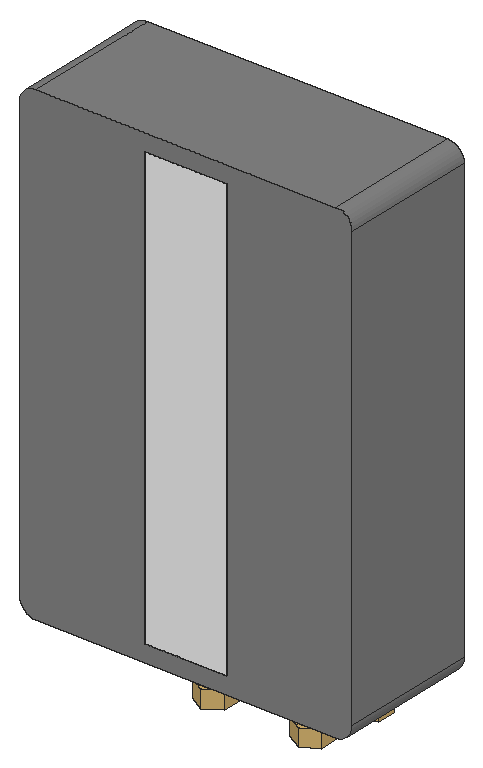
Revit family "Evoflat TDV F_Front_RFA_1", category Mechanical Equipment, Revit 2019
Family settings
  Round Connector Dimension = Use Diameter
  Classification = None
  Part Type = Normal
  OmniClass Number = 23.75.65.11.11
  OmniClass Title = Heating Controllers
  Work Plane-Based = No
  Always vertical = Yes
  Cut with Voids When Loaded = No
  Shared = No
  Room Calculation Point = No
Parameters (values of type "Evoflat TDV F_Front_Type 1_Cu_145B4169")
  Weight = 8.50 kg  # constant formula
  W1 = 40 mm  # constant formula
  W = 130 mm  # constant formula
  URL = "https://store.danfoss.com/en/search/?q=Evoflat+TDV%3Arelevance%3Adanfoss_producttypehierarchydesc%3AEvoFlat+FSS&text=Evoflat+TDV"
  Type Image = <None>
  Type Comments = ""
  Top [instance] = if(or(Clearance Zone Visibility, Clearance Zone Top Visibility), 1 = 1, 1 = 0)  # no
  Right [instance] = if(or(Clearance Zone Visibility, Clearance Zone Right Visibility), 1 = 1, 1 = 0)  # no
  Pressure Drop (HE) [instance] = 0.0 Pa
  Pressure Drop (DHW) [instance] = 0.0 Pa
  Pressure Drop (DH) [instance] = 0.0 Pa
  Pressure Drop (DCW) [instance] = 0.0 Pa
  Nut size = 30 mm  # constant formula
  Nominal Pressure = "PN 10"  # constant formula
  Model Type = "Evoflat TDV F_Front_Type 1_Cu"
  Model = "145B4169"
  Max Supply Temperature = "95 °C"  # constant formula
  Manufacturer = "Danfoss"  # constant formula
  Left [instance] = if(or(Clearance Zone Visibility, Clearance Zone Left Visibility), 1 = 1, 1 = 0)  # no
  LOD 350 = not(LOD 200)  # yes
  LOD 200 = no
  L1a = 55 mm  # constant formula
  L1 = 55 mm  # constant formula
  L = 310 mm  # constant formula
  Insulation Material = Danfoss EPP insulation
  IfcExportType = "EvoFlat TDV F"  # constant formula
  IfcExportAs = "IfcFlowController"  # constant formula
  Heating Total Pressure Loss Primary = "8 kPa"  # constant formula
  Heating Flow Rate Supply = "645 l/h"  # constant formula
  Heating Circuit dT = "20 °C"  # constant formula
  Heating Capacity = 15 kW  # constant formula
  HEX material = Danfoss Copper
  H3 = 32.5 mm  # constant formula
  H2 = 31.5 mm  # constant formula
  H1 = 3 mm  # constant formula
  H = 443 mm  # constant formula
  Front [instance] = if(or(Clearance Zone Visibility, Clearance Zone Front Visibility), 1 = 1, 1 = 0)  # no
  Flow (HE) [instance] = 0.0 L/s
  Flow (DHW) [instance] = 0.0 L/s
  Flow (DH) [instance] = 0.0 L/s
  Flow (DCW) [instance] = 0.0 L/s
  Description = "Flat Station"  # constant formula
  DHW capacity = 43 kW
  DHW Temperature DHS/DHR = "65/22 °C"
  DHW Tap Load 50°C = "15.3 l/min"
  DHW Pressure Loss Primary = "40 kPa"
  DHW Flow Rate Primary = "850 l/h"
  D = 20 mm  # constant formula
  Connection = "G 3/4 Internal Thread"  # constant formula
  Clearance Zone Visibility [instance] = no
  Clearance Zone Top Visibility [instance] = no
  Clearance Zone Top [instance] = 25 mm  # constant formula
  Clearance Zone Right Visibility [instance] = no
  Clearance Zone Right [instance] = 50 mm  # constant formula
  Clearance Zone Left Visibility [instance] = no
  Clearance Zone Left [instance] = 50 mm  # constant formula
  Clearance Zone Front Visibility [instance] = no
  Clearance Zone Front [instance] = 150 mm  # constant formula
  Clearance Zone Bottom Visibility [instance] = no
  Clearance Zone Bottom [instance] = 32.5 mm  # constant formula
  Bottom [instance] = if(or(Clearance Zone Visibility, Clearance Zone Bottom Visibility), 1 = 1, 1 = 0)  # no
  Assembly Code = ""
Types (6, lengths in mm): name | Model Type | Model | HEX material | DHW capacity | DHW Temperature DHS/DHR | DHW Tap Load 50°C | DHW Pressure Loss Primary | DHW Flow Rate Primary
  Evoflat TDV F_Front_Type 1_Cu_145B4169 | "Evoflat TDV F_Front_Type 1_Cu" | "145B4169" | Danfoss Copper | 43 kW | "65/22 °C" | "15.3 l/min" | "40 kPa" | "850 l/h"
  Evoflat TDV F_Front_Type 3_Cu_145B4171 | "Evoflat TDV F_Front_Type 3_Cu" | "145B4171" | Danfoss Copper | 55 kW | "65/16 °C" | "18.3 l/min" | "27 kPa" | "950 l/h"
  Evoflat TDV F_Front_Type 2_Cu_145B4170 | "Evoflat TDV F_Front_Type 2_Cu" | "145B4170" | Danfoss Copper | 49 kW | "65/21 °C" | "17.5 l/min" | "30 kPa" | "950 l/h"
  Evoflat TDV F_Front_Type 1_Sts_145B4172 | "Evoflat TDV F_Front_Type 1_Sts" | "145B4172" | Danfoss Stainless Steel | 43 kW | "65/22 °C" | "15.3 l/min" | "40 kPa" | "850 l/h"
  Evoflat TDV F_Front_Type 2_Sts_145B4173 | "Evoflat TDV F_Front_Type 2_Sts" | "145B4173" | Danfoss Stainless Steel | 49 kW | "65/21 °C" | "17.5 l/min" | "30 kPa" | "950 l/h"
  Evoflat TDV F_Front_Type 3_Sts_145B4174 | "Evoflat TDV F_Front_Type 3_Sts" | "145B4174" | Danfoss Stainless Steel | 55 kW | "65/16 °C" | "18.3 l/min" | "27 kPa" | "950 l/h"
Reference planes
  plane 1 "Center (Front/Back)": y = 0
  plane 2: z = 0
  plane 3 "Center (Left/Right)": x = 0
  plane 4: y = -40
  plane 5: x = -155
  plane 6: x = 155
  plane 7: z = 443
  plane 8: y = -130
  plane 9: z = 3
  plane 10: z = -31.5
  plane 11: x = -100
  plane 12: x = 100
  plane 13: z = -32.5
  plane 14: y = -95
  plane 15: x = -40
  plane 16: x = 40
  plane 17: x = 90.8
Forms (mm)
  Extrusion 1, solid, material "Danfoss EPP insulation", visible <- "LOD 200", detail levels fine
    sketch origin (0, 0, 0) x (1, 0, 0) y (0, 0, 1)
      loop
        line (-155, 443) -> (-155, 0) -> (155, 0) -> (155, 443) -> (-155, 443)
    from 0 to 130 <- "W"
  Extrusion 2, solid, visible <- "Front"
    sketch origin (15, -130, 238.394) x (1, 0, 0) y (0, 0, 1)
      loop
        line (-170, 204.606) -> (-170, -238.394) -> (140, -238.394) -> (140, 204.606) -> (-170, 204.606)
    from 150 <- "Clearance Zone Front" to 0
  Extrusion 3, solid, visible <- "Right"
    sketch origin (0, 0, 0) x (1, 0, 0) y (0, 0, 1)
      loop
        line (155, 443) -> (155, 0) -> (205, 0) -> (205, 443) -> (155, 443)
    from 130 <- "W" to 0
  Extrusion 4, solid, visible <- "Left"
    sketch origin (0, 0, 0) x (1, 0, 0) y (0, 0, 1)
      loop
        line (-155, 443) -> (-205, 443) -> (-205, 0) -> (-155, 0) -> (-155, 443)
    from 130 <- "W" to 0
  Extrusion 5, solid, visible <- "Top"
    sketch origin (0, 0, 0) x (1, 0, 0) y (0, 0, 1)
      loop
        line (-155, 443) -> (155, 443) -> (155, 468) -> (-155, 468) -> (-155, 443)
    from 130 <- "W" to 0
  Extrusion 6, solid, visible <- "Bottom"
    sketch origin (0, 0, 0) x (1, 0, 0) y (0, 0, 1)
      loop
        line (-155, 0) -> (-155, -32.5) -> (155, -32.5) -> (155, 0) -> (-155, 0)
    from 130 <- "W" to 0
  Extrusion 7, solid, material "Danfoss EPP insulation" <- "Insulation Material", visible <- "LOD 350", detail levels fine
    sketch origin (0, 0, 0) x (1, 0, 0) y (0, 0, 1)
      loop
        arc (-140, 443) -> (-150.607, 438.607) -> (-155, 428) r 15
        line (-155, 428) -> (-155, 15)
        arc (-155, 15) -> (-150.607, 4.393) -> (-140, 0) r 15
        line (-140, 0) -> (140, 0)
        arc (140, 0) -> (150.607, 4.393) -> (155, 15) r 15
        line (155, 15) -> (155, 428)
        arc (155, 428) -> (150.607, 438.607) -> (140, 443) r 15
        line (140, 443) -> (-140, 443)
    from 130 to 0
  Extrusion 8, void
    sketch origin (0, 0, 0) x (1, 0, 0) y (0, 0, 1)
      loop
        line (-38.25, 16) -> (38.25, 16) -> (38.25, 427) -> (-38.25, 427) -> (-38.25, 16)
    from 130 to 127.473
  Extrusion 9, solid, material "Danfoss Plastic White", visible <- "LOD 350", detail levels fine
    sketch origin (0, 0, 0) x (1, 0, 0) y (0, 0, 1)
      loop
        line (-38.25, 16) -> (38.25, 16) -> (38.25, 427) -> (-38.25, 427) -> (-38.25, 16)
    from 127.473 to 130
  Extrusion 10, solid, detail levels coarse+medium
    sketch origin (0, 0, 0) x (1, 0, 0) y (0, 0, 1)
      loop
        line (-155, 443) -> (-155, -32.5) -> (155, -32.5) -> (155, 443) -> (-155, 443)
    from 130 to 0
  Extrusion 11, solid, material "Danfoss Brass", detail levels fine
    sketch origin (0, 0, 0) x (1, 0, 0) y (0, 1, 0)
      loop
        circle (-100, -40) r 12.783
    from 3 to -31.5
  Extrusion 12, solid, material "Danfoss Brass", visible <- "LOD 350", detail levels fine
    sketch origin (0, 0, 0) x (1, 0, 0) y (0, 1, 0)
      loop
        line (-115, -31.34) -> (-115, -48.66) -> (-100, -57.321) -> (-85, -48.66) -> (-85, -31.34) -> (-100, -22.679) -> (-115, -31.34)
    from -16.5 to -32.5
  Extrusion 13, solid, material "Danfoss Brass", not visible, detail levels fine
    sketch origin (0, 0, 0) x (1, 0, 0) y (0, 1, 0)
      loop
        circle (-100, -40) r 12.783
    from 3 to -31.5
  Extrusion 14, solid, material "Danfoss Brass", visible <- "LOD 350", not visible, detail levels fine
    sketch origin (0, 0, 0) x (1, 0, 0) y (0, 1, 0)
      loop
        line (-115, -31.34) -> (-115, -48.66) -> (-100, -57.321) -> (-85, -48.66) -> (-85, -31.34) -> (-100, -22.679) -> (-115, -31.34)
    from -16.5 to -32.5
  Extrusion 15, solid, material "Danfoss Brass", detail levels fine
    sketch origin (60, 0, 0) x (1, 0, 0) y (0, 1, 0)
      loop
        circle (-100, -40) r 12.783
    from 3 to -31.5
  Extrusion 16, solid, material "Danfoss Brass", visible <- "LOD 350", detail levels fine
    sketch origin (60, 0, 0) x (1, 0, 0) y (0, 1, 0)
      loop
        line (-115, -31.34) -> (-115, -48.66) -> (-100, -57.321) -> (-85, -48.66) -> (-85, -31.34) -> (-100, -22.679) -> (-115, -31.34)
    from -15.5 to -31.5
  Extrusion 17, solid, material "Danfoss Brass", detail levels fine
    sketch origin (100, -55, 0) x (1, 0, 0) y (0, 1, 0)
      loop
        circle (-100, -40) r 12.783
    from 3 to -31.5
  Extrusion 18, solid, material "Danfoss Brass", visible <- "LOD 350", detail levels fine
    sketch origin (100, -55, 0) x (1, 0, 0) y (0, 1, 0)
      loop
        line (-115, -31.34) -> (-115, -48.66) -> (-100, -57.321) -> (-85, -48.66) -> (-85, -31.34) -> (-100, -22.679) -> (-115, -31.34)
    from -16.5 to -32.5
  Extrusion 19, solid, material "Danfoss Brass", detail levels fine
    sketch origin (190.8, -55, 0) x (1, 0, 0) y (0, 1, 0)
      loop
        circle (-100, -40) r 12.783
    from 3 to -31.5
  Extrusion 20, solid, material "Danfoss Brass", visible <- "LOD 350", detail levels fine
    sketch origin (190.8, -55, 0) x (1, 0, 0) y (0, 1, 0)
      loop
        line (-115, -31.34) -> (-115, -48.66) -> (-100, -57.321) -> (-85, -48.66) -> (-85, -31.34) -> (-100, -22.679) -> (-115, -31.34)
    from -16.5 to -32.5
  Extrusion 21, solid, material "Danfoss Brass", not visible, detail levels fine
    sketch origin (60, 0, 0) x (1, 0, 0) y (0, 1, 0)
      loop
        circle (-100, -40) r 12.783
    from 3 to -31.5
  Extrusion 22, solid, material "Danfoss Brass", visible <- "LOD 350", not visible, detail levels fine
    sketch origin (60, 0, 0) x (1, 0, 0) y (0, 1, 0)
      loop
        line (-115, -31.34) -> (-115, -48.66) -> (-100, -57.321) -> (-85, -48.66) -> (-85, -31.34) -> (-100, -22.679) -> (-115, -31.34)
    from -15.5 to -31.5
  Extrusion 23, solid, material "Danfoss Brass", detail levels fine
    sketch origin (140, 0, 0) x (1, 0, 0) y (0, 1, 0)
      loop
        circle (-100, -40) r 12.783
    from 3 to -31.5
  Extrusion 24, solid, material "Danfoss Brass", visible <- "LOD 350", detail levels fine
    sketch origin (140, 0, 0) x (1, 0, 0) y (0, 1, 0)
      loop
        line (-115, -31.34) -> (-115, -48.66) -> (-100, -57.321) -> (-85, -48.66) -> (-85, -31.34) -> (-100, -22.679) -> (-115, -31.34)
    from -15.5 to -31.5
  Extrusion 25, solid, material "Danfoss Brass", detail levels fine
    sketch origin (200, 0, 0) x (1, 0, 0) y (0, 1, 0)
      loop
        circle (-100, -40) r 12.783
    from 3 to -31.5
  Extrusion 26, solid, material "Danfoss Brass", visible <- "LOD 350", detail levels fine
    sketch origin (200, 0, 0) x (1, 0, 0) y (0, 1, 0)
      loop
        line (-115, -31.34) -> (-115, -48.66) -> (-100, -57.321) -> (-85, -48.66) -> (-85, -31.34) -> (-100, -22.679) -> (-115, -31.34)
    from -15.5 to -31.5
Cuts and joins
  Extrusion 8 cuts Extrusion 2
  Extrusion 8 cuts Extrusion 7
Dimensions and locks
  "Clearance Zone Right": Extrusion 3 sketch curve to Extrusion 2
  "Clearance Zone Left": Extrusion 4 sketch curve to Extrusion 2
  "H": plane 7 to plane 2
  equal spacing: plane 6, plane 3 "Center (Left/Right)", plane 5
  "L": plane 6 to plane 5
  "W": plane 8 to plane 1 "Center (Front/Back)"
  "H1": plane 9 to level
  "H2": plane 2 to plane 10
  "W1": plane 4 to plane 1 "Center (Front/Back)"
  "L1": plane 5 to plane 11
  "L1a": plane 12 to plane 6
  level to Extrusion 7 = 443 mm
  equal spacing: Extrusion 8 sketch curve, plane 3 "Center (Left/Right)", Extrusion 8 sketch curve
  Extrusion 8 sketch curve to Extrusion 8 sketch curve = 76.5 mm
  "Clearance Zone Bottom": plane 2 to Extrusion 6 sketch curve
  "Clearance Zone Top": Extrusion 5 sketch curve to plane 7
  "H3": plane 2 to plane 13
  locked: plane 14 to plane 4 at 55
  Extrusion 9 sketch curve to Extrusion 9 sketch curve = 76.5 mm
  equal spacing: Extrusion 9 sketch curve, plane 3 "Center (Left/Right)", Extrusion 9 sketch curve
  locked: Extrusion 9 sketch curve to level at 16
  locked: plane 7 to Extrusion 9 sketch curve at 16
  locked: plane 7 to Extrusion 8 sketch curve at 16
  plane 11 to plane 5 = 55 mm
  locked: plane 15 to plane 11 at 60
  locked: plane 16 to plane 15 at 80
  plane 12 to plane 16 = 60 mm
  plane 6 to plane 12 = 55 mm
  locked: plane 6 to plane 17 at 64.2
  radius of Extrusion 7 sketch curve = 15 mm  (x4)
  radius of Extrusion 11 sketch curve = 12.783 mm
  radius of Extrusion 13 sketch curve = 12.783 mm
  radius of Extrusion 15 sketch curve = 12.783 mm
  radius of Extrusion 17 sketch curve = 12.783 mm
  radius of Extrusion 19 sketch curve = 12.783 mm
  radius of Extrusion 21 sketch curve = 12.783 mm
  radius of Extrusion 23 sketch curve = 12.783 mm
  radius of Extrusion 25 sketch curve = 12.783 mm
  aligned and locked: level to plane 2
  aligned and locked: Extrusion 2 sketch curve to Extrusion 1  (x2)
  aligned and locked: plane 2 to Extrusion 1 sketch curve
  aligned and locked: plane 5 to Extrusion 1 sketch curve
  aligned and locked: Extrusion 1 sketch curve to plane 6
  aligned and locked: Extrusion 7 sketch curve to plane 6
  aligned and locked: plane 8 to Extrusion 7
  aligned and locked: Extrusion 7 to plane 1 "Center (Front/Back)"
  aligned and locked: Extrusion 3 to Extrusion 8
  aligned and locked: Extrusion 2 sketch curve to plane 7
  aligned and locked: plane 2 to Extrusion 2 sketch curve
  aligned and locked: plane 2 to Extrusion 3 sketch curve
  aligned and locked: Extrusion 3 sketch curve to plane 7
  aligned and locked: plane 6 to Extrusion 3 sketch curve
  aligned and locked: Extrusion 4 sketch curve to plane 2
  aligned and locked: plane 7 to Extrusion 4 sketch curve
  aligned and locked: plane 5 to Extrusion 4 sketch curve
  aligned and locked: Extrusion 6 sketch curve to plane 2
  aligned and locked: plane 5 to Extrusion 6 sketch curve
  aligned and locked: Extrusion 6 sketch curve to plane 6
  aligned and locked: Extrusion 5 sketch curve to plane 7
  aligned and locked: Extrusion 5 sketch curve to plane 5
  aligned and locked: plane 6 to Extrusion 5 sketch curve
  aligned and locked: Extrusion 10 sketch curve to plane 6
  aligned and locked: Extrusion 1 to Extrusion 9
  aligned and locked: Extrusion 8 sketch curve to Extrusion 9
  aligned and locked: Extrusion 8 to Extrusion 9
  aligned and locked: Extrusion 11 to plane 10
  aligned and locked: plane 9 to Extrusion 11
  aligned and locked: Extrusion 12 to plane 13
  aligned and locked: Extrusion 16 to plane 10
  aligned and locked: plane 7 to Extrusion 1
  aligned and locked: Extrusion 10 to plane 13
  aligned and locked: Extrusion 6 to Extrusion 10
Automatic sketch dimensions
  Extrusion 7 sketch curve to plane 5 = 0 mm
  plane 9 to Extrusion 7 sketch curve = 12 mm
  Extrusion 1 sketch curve to plane 7 = 0 mm
  Extrusion 7 sketch curve to plane 7 = 15 mm
  Extrusion 10 sketch curve to plane 5 = 0 mm
  Extrusion 10 sketch curve to plane 7 = 0 mm
  Extrusion 9 sketch curve to plane 3 "Center (Left/Right)" = 38.25 mm
  Extrusion 12 sketch curve to Extrusion 12 sketch curve = 15 mm  (x3)
  Extrusion 12 sketch curve to Extrusion 12 sketch curve = 8.66 mm  (x3)
  Extrusion 12 sketch curve to Extrusion 12 sketch curve = 17.321 mm  (x2)
  Extrusion 14 sketch curve to Extrusion 14 sketch curve = 15 mm  (x3)
  Extrusion 14 sketch curve to Extrusion 14 sketch curve = 8.66 mm  (x3)
  Extrusion 14 sketch curve to Extrusion 14 sketch curve = 17.321 mm  (x2)
  Extrusion 16 sketch curve to Extrusion 16 sketch curve = 15 mm  (x3)
  Extrusion 16 sketch curve to Extrusion 16 sketch curve = 8.66 mm  (x3)
  Extrusion 16 sketch curve to Extrusion 16 sketch curve = 17.321 mm  (x2)
  Extrusion 18 sketch curve to Extrusion 18 sketch curve = 15 mm  (x3)
  Extrusion 18 sketch curve to Extrusion 18 sketch curve = 8.66 mm  (x3)
  Extrusion 18 sketch curve to Extrusion 18 sketch curve = 17.321 mm  (x2)
  Extrusion 20 sketch curve to Extrusion 20 sketch curve = 15 mm  (x3)
  Extrusion 20 sketch curve to Extrusion 20 sketch curve = 8.66 mm  (x3)
  Extrusion 20 sketch curve to Extrusion 20 sketch curve = 17.321 mm  (x2)
  Extrusion 22 sketch curve to Extrusion 22 sketch curve = 15 mm  (x3)
  Extrusion 22 sketch curve to Extrusion 22 sketch curve = 8.66 mm  (x3)
  Extrusion 22 sketch curve to Extrusion 22 sketch curve = 17.321 mm  (x2)
  Extrusion 24 sketch curve to Extrusion 24 sketch curve = 15 mm  (x3)
  Extrusion 24 sketch curve to Extrusion 24 sketch curve = 8.66 mm  (x3)
  Extrusion 24 sketch curve to Extrusion 24 sketch curve = 17.321 mm  (x2)
  Extrusion 26 sketch curve to Extrusion 26 sketch curve = 15 mm  (x3)
  Extrusion 26 sketch curve to Extrusion 26 sketch curve = 8.66 mm  (x3)
  Extrusion 26 sketch curve to Extrusion 26 sketch curve = 17.321 mm  (x2)
  Extrusion 10 sketch curve to plane 13 = 0 mm
Connectors
  piping at (-100, -40, -31.5), diameter 20, driven by "D", driven by "Flow (DCW)"
    settings: on Extrusion 11, index 1, connector inside diameter 609.6 mm, connector length 0 mm, flow factor 0, pipe flow 0.0 L/s, pressure drop 0.0 Pa, fitting loss kfactor 0, connector angle 0.00°, fixture units 0, engagement length 0 mm, angle of deflection 0.00°, flow configuration 0, flow direction 1, fitting loss method 0, system type 20, joint type 0, gender type 0, connector reference index 2, connector utility 0, adjustable connector no, is connector primary yes, connector description ""
  piping at (-40, -40, -31.5), diameter 20, driven by "D", driven by "Flow (DHW)"
    settings: on Extrusion 15, index 2, connector inside diameter 609.6 mm, connector length 0 mm, flow factor 0, pipe flow 0.0 L/s, pressure drop 0.0 Pa, fitting loss kfactor 0, connector angle 0.00°, fixture units 0, engagement length 0 mm, angle of deflection 0.00°, flow configuration 0, flow direction 2, fitting loss method 0, system type 19, joint type 0, gender type 0, connector reference index 1, connector utility 0, adjustable connector no, is connector primary no, connector description ""
  piping at (0, -95, -31.5), diameter 20, driven by "D", driven by "Flow (HE)"
    settings: on Extrusion 17, index 3, connector inside diameter 609.6 mm, connector length 0 mm, flow factor 0, pipe flow 0.0 L/s, pressure drop 0.0 Pa, fitting loss kfactor 0, connector angle 0.00°, fixture units 0, engagement length 0 mm, angle of deflection 0.00°, flow configuration 0, flow direction 2, fitting loss method 0, system type 7, joint type 0, gender type 0, connector reference index 5, connector utility 0, adjustable connector no, is connector primary no, connector description ""
  piping at (40, -40, -31.5), diameter 20, driven by "D", driven by "Flow (DH)"
    settings: on Extrusion 23, index 4, connector inside diameter 609.6 mm, connector length 0 mm, flow factor 0, pipe flow 0.0 L/s, pressure drop 0.0 Pa, fitting loss kfactor 0, connector angle 0.00°, fixture units 0, engagement length 0 mm, angle of deflection 0.00°, flow configuration 0, flow direction 1, fitting loss method 0, system type 7, joint type 0, gender type 0, connector reference index 6, connector utility 0, adjustable connector no, is connector primary no, connector description ""
  piping at (90.8, -95, -31.5), diameter 20, driven by "D", driven by "Flow (HE)"
    settings: on Extrusion 19, index 5, connector inside diameter 609.6 mm, connector length 0 mm, flow factor 0, pipe flow 0.0 L/s, pressure drop 0.0 Pa, fitting loss kfactor 0, connector angle 0.00°, fixture units 0, engagement length 0 mm, angle of deflection 0.00°, flow configuration 0, flow direction 1, fitting loss method 0, system type 8, joint type 0, gender type 0, connector reference index 3, connector utility 0, adjustable connector no, is connector primary no, connector description ""
  piping at (100, -40, -31.5), diameter 20, driven by "D", driven by "Flow (DH)"
    settings: on Extrusion 25, index 6, connector inside diameter 609.6 mm, connector length 0 mm, flow factor 0, pipe flow 0.0 L/s, pressure drop 0.0 Pa, fitting loss kfactor 0, connector angle 0.00°, fixture units 0, engagement length 0 mm, angle of deflection 0.00°, flow configuration 0, flow direction 2, fitting loss method 0, system type 8, joint type 0, gender type 0, connector reference index 4, connector utility 0, adjustable connector no, is connector primary no, connector description ""
